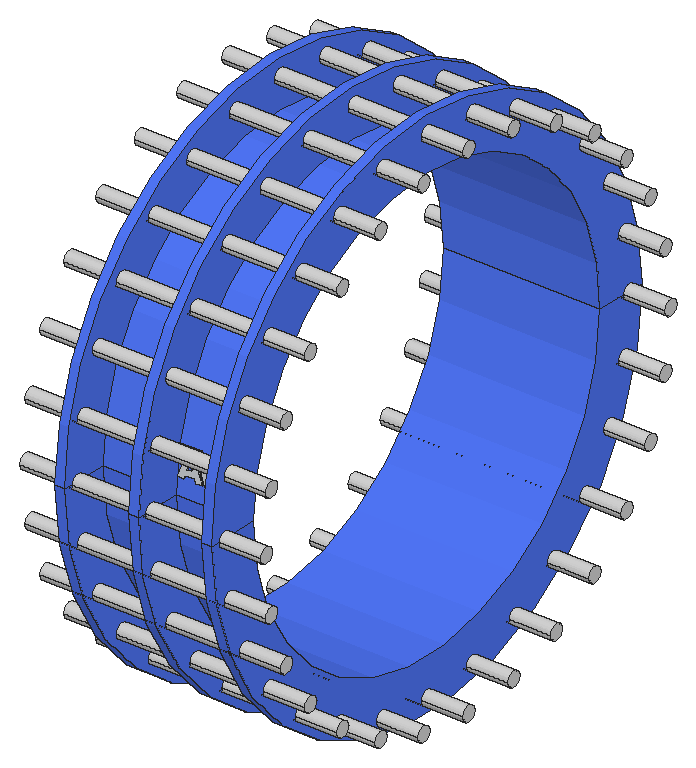
Revit family "873-00-001-DN900-1000", category Pipe Accessories, Revit 2019
Family settings
  Round Connector Dimension = Use Diameter
  Part Type = Valve - Breaks Into
  Work Plane-Based = No
  Always vertical = Yes
  Cut with Voids When Loaded = No
  Shared = No
Parameters (values of type "DN0900_PN10")
  d2 = size_lookup(Search_table, "d2", 0 mm, DN) / 2  # 557.5 mm
  d1 = size_lookup(Search_table, "d1", 0 mm, DN)  # 1050 mm
  URL product pages = "https://www.avkvalves.com/P.aspx?no=873004000141000"
  T = size_lookup(Search_table, "T", 0 mm, DN)  # 30 mm
  L = size_lookup(Search_table, "L", 0 mm, DN)  # 500 mm
  Id(Radius) = DN / 2  # 450 mm
  Flange_thickness = 20 mm  # constant formula
  Description_ = "AVK DISMANTLING JOINT"
  DN = 900 mm
  Search_table = "873-00-001-DN900-1000"
  Body_Wallthicknss = 10 mm  # constant formula
  Angle = 22.50°  # constant formula
  A = size_lookup(Search_table, "A", 0 mm, DN)  # 325 mm
  873-1000-00-141000 = "DN1000_PN16"
  873-1000-00-041000 = "DN1000_PN10"
  873-0900-00-141000 = "DN900_PN16"
  873-0900-00-041000 = "DN900_PN10"
Types (5, lengths in mm): name | d2 | d1 | T | L | Id(Radius) | DN | A
  (no name) | 557.5 | 1050 | 30 | 500 | 450 | 900 | 325
  DN0900_PN10 | 557.5 | 1050 | 30 | 500 | 450 | 900 | 325
  DN0900_PN16 | 562.5 | 1050 | 36 | 530 | 450.05 | 900.1 | 325
  DN1000_PN10 | 615 | 1160 | 33 | 545 | 500 | 1000 | 335
  DN1000_PN16 | 627.5 | 1170 | 39 | 570 | 500.05 | 1000.1 | 335
Reference planes
  plane 1 "Center (Front/Back)": y = 0
  plane 2: z = 0
  plane 3 "Center (Left/Right)": x = 0
  plane 4: y = 32.5
  plane 5: y = -30
  plane 6: z = 525
  plane 7: z = -525
  plane 8: y = 525
  plane 9: y = -525
  plane 10: x = -250
  plane 11: x = 250
  plane 12: through (0, 0, 0) normal (0, 0.9749, 0.2225)
  plane 13: through (0, 0, 0) normal (0, 0.901, 0.4339)
  plane 14: through (0, 0, 0) normal (0, 0.7818, 0.6235)
  plane 15: through (0, 0, 0) normal (0, 0.6235, 0.7818)
  plane 16: through (0, 0, 0) normal (0, 0.2225, 0.9749)
  plane 17: through (0, 0, 0) normal (0, 0.9749, -0.2225)
  plane 18: through (0, 0, 0) normal (0, 0.901, -0.4339)
  plane 19: through (0, 0, 0) normal (0, 0.7818, -0.6235)
  plane 20: through (0, 0, 0) normal (0, 0.4339, -0.901)
  plane 21: through (0, 0, 0) normal (0, 0.2225, -0.9749)
  plane 22: through (0, 0, 0) normal (0, 0.4339, 0.901)
  plane 23: through (0, 0, 0) normal (0, 0.6235, -0.7818)
  plane 24: x = -162.5
  plane 25: x = 162.5
  plane 26: z = 557.5
  plane 27: z = -557.5
Forms (mm)
  Revolve 1, solid, material "Plastic"
    sketch origin (0, 0, 0) x (1, 0, 0) y (0, 1, 0)
      loop
        line (-142.5, 557.5) -> (-162.5, 557.5) -> (-162.5, 450) -> (162.5, 450) -> (162.5, 557.5) -> (142.5, 557.5) -> (142.5, 460) -> (10, 460) -> (10, 557.5) -> (-10, 557.5) -> (-10, 460) -> (-142.5, 460) -> (-142.5, 557.5)
      axis (-162.5, 0) -> (162.5, 0)
    angle from 0 to 360
  Extrusion 2, solid, material "Stainless Steel AISI 304"
    sketch origin (0, 0, 0) x (0, 1, 0) y (0, 0, 1)
      loop
        circle (0, 525) r 15
      loop
        circle (-525, 0) r 15
      loop
        circle (0, -525) r 15
      loop
        circle (525, 0) r 15
      loop
        circle (227.789, 473.009) r 15
      loop
        circle (327.332, 410.462) r 15
      loop
        circle (410.462, 327.332) r 15
      loop
        circle (473.009, 227.789) r 15
      loop
        circle (511.837, 116.823) r 15
      loop
        circle (511.837, -116.823) r 15
      loop
        circle (473.009, -227.789) r 15
      loop
        circle (410.462, -327.332) r 15
      loop
        circle (327.332, -410.462) r 15
      loop
        circle (227.789, -473.009) r 15
      loop
        circle (116.823, -511.837) r 15
      loop
        circle (-116.823, -511.837) r 15
      loop
        circle (-227.789, -473.009) r 15
      loop
        circle (-327.332, -410.462) r 15
      loop
        circle (-410.462, -327.332) r 15
      loop
        circle (-473.009, -227.789) r 15
      loop
        circle (-511.837, -116.823) r 15
      loop
        circle (-511.837, 116.823) r 15
      loop
        circle (-473.009, 227.789) r 15
      loop
        circle (-410.462, 327.332) r 15
      loop
        circle (-327.332, 410.462) r 15
      loop
        circle (-227.789, 473.009) r 15
      loop
        circle (-116.823, 511.837) r 15
      loop
        circle (116.823, 511.837) r 15
    from -250 to 250
Dimensions and locks
  "Flange_thickness": Revolve 1 sketch curve to Revolve 1 sketch curve  (x3)
  equal spacing: Revolve 1 sketch curve, plane 3 "Center (Left/Right)", Revolve 1 sketch curve  (x2)
  "A": Revolve 1 sketch curve to Revolve 1 sketch curve
  "Id(Radius)": plane 1 "Center (Front/Back)" to Revolve 1 sketch curve
  "Body_Wallthicknss": Revolve 1 sketch curve to Revolve 1 sketch curve
  "d2": plane 1 "Center (Front/Back)" to Revolve 1 sketch curve
  equal spacing: plane 6, level, plane 7
  equal spacing: plane 8, plane 1 "Center (Front/Back)", plane 9
  "d1": plane 8 to plane 9
  "d1": plane 6 to plane 7
  equal spacing: plane 11, plane 3 "Center (Left/Right)", plane 10
  "L": plane 11 to plane 10
  equal spacing: Extrusion 2 sketch curve, level, Extrusion 2 sketch curve
  "d1": Extrusion 2 sketch curve to Extrusion 2 sketch curve  (x14)
  equal spacing: Extrusion 2 sketch curve, plane 1 "Center (Front/Back)", Extrusion 2 sketch curve
  equal spacing: Extrusion 2 sketch curve, plane 12, Extrusion 2 sketch curve
  equal spacing: Extrusion 2 sketch curve, plane 13, Extrusion 2 sketch curve
  equal spacing: Extrusion 2 sketch curve, plane 14, Extrusion 2 sketch curve
  equal spacing: Extrusion 2 sketch curve, plane 15, Extrusion 2 sketch curve
  equal spacing: Extrusion 2 sketch curve, plane 22, Extrusion 2 sketch curve
  equal spacing: Extrusion 2 sketch curve, plane 16, Extrusion 2 sketch curve
  equal spacing: Extrusion 2 sketch curve, plane 17, Extrusion 2 sketch curve
  equal spacing: Extrusion 2 sketch curve, plane 18, Extrusion 2 sketch curve
  equal spacing: Extrusion 2 sketch curve, plane 19, Extrusion 2 sketch curve
  equal spacing: Extrusion 2 sketch curve, plane 23, Extrusion 2 sketch curve
  equal spacing: Extrusion 2 sketch curve, plane 20, Extrusion 2 sketch curve
  equal spacing: Extrusion 2 sketch curve, plane 21, Extrusion 2 sketch curve
  equal spacing: plane 25, plane 3 "Center (Left/Right)", plane 24
  "A": plane 25 to plane 24
  plane 6 to plane 7 = 1050 mm
  equal spacing: plane 26, level, plane 27
  "d2": level to plane 27
  plane 26 to plane 27 = 1115 mm
  "T": diameter of Extrusion 2 sketch curve  (x28)
  equal spacing: plane 1 "Center (Front/Back)", plane 17, plane 18, plane 19, plane 23, plane 20, plane 21, level
  equal spacing: level, plane 16, plane 22, plane 15, plane 14, plane 13, plane 12, plane 1 "Center (Front/Back)"
  aligned and locked: level to plane 2
  aligned and locked: Revolve 1 sketch curve to Revolve 1 sketch curve  (x3)
  aligned and locked: plane 1 "Center (Front/Back)" to Revolve 1 sketch curve
  aligned and locked: Extrusion 2 to plane 10
  aligned and locked: Extrusion 2 to plane 11
  aligned and locked: plane 24 to Revolve 1
  aligned and locked: plane 25 to Revolve 1
Automatic sketch dimensions
  Revolve 1 sketch curve to plane 3 "Center (Left/Right)" = 37.5 mm
  plane 3 "Center (Left/Right)" to Revolve 1 sketch curve = 37.5 mm
  plane 21 to Extrusion 2 sketch curve = 0 mm  (x2)
  Extrusion 2 sketch curve to plane 16 = 0 mm  (x2)
  plane 20 to Extrusion 2 sketch curve = 0 mm  (x2)
  Extrusion 2 sketch curve to plane 22 = 0 mm  (x2)
  plane 23 to Extrusion 2 sketch curve = 0 mm  (x2)
  Extrusion 2 sketch curve to plane 15 = 0 mm  (x2)
  plane 19 to Extrusion 2 sketch curve = 0 mm  (x2)
  Extrusion 2 sketch curve to plane 14 = 0 mm  (x2)
  plane 18 to Extrusion 2 sketch curve = 0 mm  (x2)
  Extrusion 2 sketch curve to plane 13 = 0 mm  (x2)
  Extrusion 2 sketch curve to plane 12 = 0 mm  (x2)
  plane 17 to Extrusion 2 sketch curve = 0 mm  (x2)
  Extrusion 2 sketch curve to plane 1 "Center (Front/Back)" = 0 mm  (x2)
  Extrusion 2 sketch curve to level = 0 mm  (x2)
Nested families
  nested 1: "LOGO 3" at (76.265, -458.641, 35.33) x (1, 0, 0) z (0, -0.997, 0.0768), type "LOGO 3"
Connectors
  piping at (162.5, 0, 0), diameter 900, driven by "DN"
    settings: on Revolve 1, index 1, connector inside diameter 609.6 mm, connector length 0 mm, flow factor 0, pipe flow 0.0 L/s, pressure drop 0.0 Pa, fitting loss kfactor 0, connector angle 0.00°, fixture units 0, engagement length 0 mm, angle of deflection 0.00°, flow configuration 0, flow direction 0, fitting loss method 0, system type 7, joint type 0, gender type 0, connector reference index -1, connector utility 0, adjustable connector no, is connector primary yes, connector description ""
  piping at (-162.5, 0, 0), diameter 900, driven by "DN"
    settings: on Revolve 1, index 2, connector inside diameter 609.6 mm, connector length 0 mm, flow factor 0, pipe flow 0.0 L/s, pressure drop 0.0 Pa, fitting loss kfactor 0, connector angle 0.00°, fixture units 0, engagement length 0 mm, angle of deflection 0.00°, flow configuration 0, flow direction 0, fitting loss method 0, system type 7, joint type 0, gender type 0, connector reference index -1, connector utility 0, adjustable connector no, is connector primary no, connector description ""
Definition of nested family "LOGO 3"
  Parameters
    Default Elevation = 1219.2 mm
  Reference planes
    plane 1 "Center (Front/Back)": y = 0
    plane 2: z = 0
    plane 3 "Center (Left/Right)": x = 0
  Forms (mm)
    Extrusion 1, solid
      sketch origin (0, 0, 0) x (1, 0, 0) y (0, 1, 0)
        loop
          line (-1219.2, 1219.2) -> (-1219.2, -1219.2) -> (1219.2, -1219.2) -> (1219.2, 1219.2) -> (-1219.2, 1219.2)
      from 0 to -304.8
    Extrusion 2, solid
      sketch origin (0, 0, 0) x (1, 0, 0) y (0, 1, 0)
        loop
          line (-17.198, 60.343) -> (-63.36, 60.343) -> (-63.36, 47.822) -> (-25.782, 47.822) -> (-6.312, 0) -> (6.312, 0) -> (25.782, 47.822) -> (63.36, 47.822) -> (63.36, 60.343) -> (17.198, 60.343) -> (0, 18.103) -> (-17.198, 60.343)
        loop
          line (-63.36, 42.994) -> (-63.36, 30.926) -> (-51.489, 30.926) -> (-63.36, 0) -> (-49.948, 0) -> (-47.4, 6.638) -> (-27.745, 6.638) -> (-25.043, 0) -> (-11.524, 0) -> (-29.029, 42.994) -> (-63.36, 42.994)
        loop
          line (-44.292, 18.103) -> (-32.413, 18.103) -> (-38.527, 33.12) -> (-44.292, 18.103)
        loop
          line (29.029, 42.994) -> (11.524, 0) -> (25.043, 0) -> (31.926, 16.905) -> (44.665, 0) -> (60.343, 0) -> (45.934, 19.121)
          arc (45.934, 19.121) -> (54.338, 23.268) -> (59.739, 30.926) r 19.008
          line (59.739, 30.926) -> (63.36, 30.926) -> (63.36, 42.994) -> (51.291, 42.994)
          arc (51.291, 42.994) -> (46.893, 32.101) -> (36.164, 27.315) r 15.689
          line (36.164, 27.315) -> (42.548, 42.994) -> (29.029, 42.994)
      from 0 to 1
  Dimensions and locks
    aligned and locked: plane 2 to Extrusion 1
    aligned and locked: level to Extrusion 1
